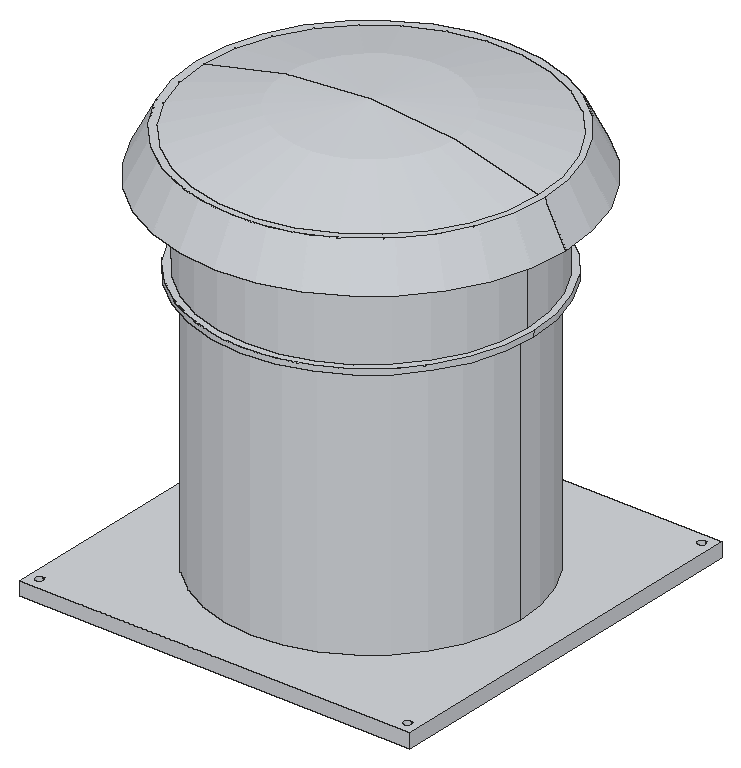
Revit family "BVN_ARMO-R", category Mechanical Equipment, host Face, Revit 2019
Family settings
  Host = Face
  Round Connector Dimension = Use Diameter
  Part Type = Normal
  Cut with Voids When Loaded = No
  Shared = No
  Room Calculation Point = No
Parameters (values of type "ARMO-R 1250-9/15-6A")
  URL = "http://www.bahcivanmotor.com.tr/index.php"
  Tepe_Genislik = (C' - 50 mm) / 2  # 615 mm
  TTBH = TTH * 0.6  # 148.5 mm
  TH = H - E - F  # 550 mm
  TTH = TH * 0.45  # 247.5 mm
  TBQ' = QE + 100 mm  # 1200 mm
  TBQ = QE + 50 mm  # 1150 mm
  TBH = TH * 0.55  # 302.5 mm
  Speed(d/d) = 965
  QE = 1100 mm
  D = 1250 mm
  Wing Angle (Degree) = 28
  Power = 15000 W
  Model = "ARMO-R"
  Material = none
  Manufacturer = "Bahçıvan Elektrik Motor San. ve Tic. Ltd. Şti."
  TTT_H = TTH * 0.4  # 99 mm
  H = 1550 mm
  F = 50 mm
  E = 950 mm
  Description = "Smoke Exhaust Fan"
  Default Elevation = 1219.2 mm
  Current = 29 A
  C' = C - 150 mm  # 1280 mm
  C = 1430 mm
  B = 1350 mm
  Air Flow = 105000 m³/h
  A = 1430 mm
Types (22, lengths in mm): name | Tepe_Genislik | TTBH | TH | TTH | TBQ' | TBQ | TBH | Speed(d/d) | QE | D | Wing Angle (Degree) | Power | TTT_H | H | E | Current | C' | C | B | Air Flow | A
  (no name) | 615 | 148.5 | 550 | 247.5 | 1200 | 1150 | 302.5 | 965 | 1100 | 1250 | 28 | 15000 W | 99 | 1550 | 950 | 29 A | 1280 | 1430 | 1350 | 105000 m³/h | 1430
  ARMO-R 400-6/1,5-2A | 251 | 96.12 | 356 | 160.2 | 600 | 550 | 195.8 | 2900 | 500 | 400 | 30 | 1500 W | 64.08 | 880 | 474 | 3.4 A | 552 | 702 | 495 | 8978 m³/h | 600
  ARMO-R 450-6/3-2A | 251 | 96.12 | 356 | 160.2 | 650 | 600 | 195.8 | 2900 | 550 | 450 | 28 | 3000 W | 64.08 | 880 | 474 | 6 A | 552 | 702 | 545 | 13545 m³/h | 650
  ARMO-R 500-6/4-2A | 321 | 108 | 400 | 180 | 650 | 600 | 220 | 2900 | 550 | 500 | 26 | 4000 W | 72 | 1030 | 580 | 7.4 A | 692 | 842 | 545 | 17325 m³/h | 650
  ARMO-R 560-6/5,5-2A | 321 | 108 | 400 | 180 | 685 | 635 | 220 | 2900 | 585 | 560 | 20 | 5500 W | 72 | 1030 | 580 | 11 A | 692 | 842 | 605 | 22313 m³/h | 685
  ARMO-R 630-6/4-4A | 465 | 137.7 | 510 | 229.5 | 780 | 730 | 280.5 | 1500 | 680 | 630 | 38 | 4000 W | 91.8 | 1160 | 600 | 8.2 A | 980 | 1130 | 637 | 25200 m³/h | 780
  ARMO-R 710-6/3-4A | 465 | 148.5 | 550 | 247.5 | 820 | 770 | 302.5 | 1410 | 720 | 800 | 28 | 3000 W | 99 | 1300 | 700 | 6.6 A | 980 | 1130 | 710 | 28350 m³/h | 830
  ARMO-R 800-9/7,5-4A | 465 | 148.5 | 550 | 247.5 | 900 | 850 | 302.5 | 1440 | 800 | 800 | 30 | 7500 W | 99 | 1300 | 700 | 15.4 A | 980 | 1130 | 800 | 40950 m³/h | 920
  ARMO-R 900-9/15-4A | 465 | 148.5 | 550 | 247.5 | 1000 | 950 | 302.5 | 1450 | 900 | 900 | 32 | 15000 W | 99 | 1375 | 775 | 29.3 A | 980 | 1130 | 900 | 63525 m³/h | 1020
  ARMO-R 1000-9/30-4A | 615 | 148.5 | 550 | 247.5 | 1100 | 1050 | 302.5 | 1460 | 1000 | 1000 | 32 | 30000 W | 99 | 1450 | 850 | 55 A | 1280 | 1430 | 1030 | 86100 m³/h | 1130
  ARMO-R 1250-9/45-4A | 615 | 148.5 | 550 | 247.5 | 1200 | 1150 | 302.5 | 1475 | 1100 | 1250 | 24 | 45000 W | 99 | 1550 | 950 | 80 A | 1280 | 1430 | 1350 | 138600 m³/h | 1430
  ARMO-R 500-6/1,1-4A | 321 | 108 | 400 | 180 | 650 | 600 | 220 | 1400 | 550 | 500 | 38 | 1100 W | 72 | 1030 | 580 | 2.6 A | 692 | 842 | 545 | 12600 m³/h | 650
  ARMO-R 560-6/2,2-4A | 321 | 108 | 400 | 180 | 685 | 635 | 220 | 1410 | 585 | 560 | 38 | 2200 W | 72 | 1030 | 580 | 5 A | 692 | 842 | 605 | 17850 m³/h | 685
  ARMO-R 630-6/7,5-2A | 465 | 137.7 | 510 | 229.5 | 780 | 730 | 280.5 | 2800 | 680 | 630 | 16 | 7500 W | 91.8 | 1160 | 600 | 13.6 A | 980 | 1130 | 637 | 27300 m³/h | 780
  ARMO-R 500-6/0,37-6A | 321 | 108 | 400 | 180 | 650 | 600 | 220 | 900 | 550 | 500 | 38 | 370 W | 72 | 1030 | 580 | 1.1 A | 692 | 842 | 545 | 8400 m³/h | 650
  ARMO-R 560-6/0,55-6A | 321 | 108 | 400 | 180 | 685 | 635 | 220 | 930 | 585 | 560 | 38 | 550 W | 72 | 1030 | 580 | 1.5 A | 692 | 842 | 605 | 11760 m³/h | 685
  ARMO-R 630-6/1,1-6A | 465 | 137.7 | 510 | 229.5 | 780 | 730 | 280.5 | 945 | 680 | 630 | 38 | 1100 W | 91.8 | 1160 | 600 | 2.9 A | 980 | 1130 | 637 | 16800 m³/h | 780
  ARMO-R 710-6/3-6A | 465 | 148.5 | 550 | 247.5 | 820 | 770 | 302.5 | 950 | 720 | 800 | 28 | 3000 W | 99 | 1300 | 700 | 6.9 A | 980 | 1130 | 710 | 18900 m³/h | 830
  ARMO-R 800-9/3-6A | 465 | 148.5 | 550 | 247.5 | 900 | 850 | 302.5 | 950 | 800 | 800 | 32 | 3000 W | 99 | 1300 | 700 | 6.9 A | 980 | 1130 | 800 | 28350 m³/h | 920
  ARMO-R 900-9/4-6A | 465 | 148.5 | 550 | 247.5 | 1000 | 950 | 302.5 | 955 | 900 | 900 | 30 | 4000 W | 99 | 1375 | 775 | 9 A | 980 | 1130 | 900 | 39900 m³/h | 1020
  ARMO-R 1000-9/7,5-6A | 615 | 148.5 | 550 | 247.5 | 1100 | 1050 | 302.5 | 960 | 1000 | 1000 | 32 | 5500 W | 99 | 1450 | 850 | 15 A | 1280 | 1430 | 1030 | 57750 m³/h | 1130
  ARMO-R 1250-9/15-6A | 615 | 148.5 | 550 | 247.5 | 1200 | 1150 | 302.5 | 965 | 1100 | 1250 | 28 | 15000 W | 99 | 1550 | 950 | 29 A | 1280 | 1430 | 1350 | 105000 m³/h | 1430
Reference planes
  plane 1 "Center (Front/Back)": y = 0
  plane 2: z = 0
  plane 3 "Center (Left/Right)": x = 0
Forms (mm)
  Extrusion 1, solid
    sketch origin (0, 0, 0) x (1, 0, 0) y (0, 1, 0)
      loop
        line (-715, 715) -> (-715, -715) -> (715, -715) -> (715, 715) -> (-715, 715)
    from 0 to 50 <- "F"
  Extrusion 2, solid
    sketch origin (0, 0, 50) x (1, 0, 0) y (0, 1, 0)
      loop
        circle (0, 0) r 550
    from 0 to 950 <- "E"
  Extrusion 3, solid
    sketch origin (0, 0, 1000) x (1, 0, 0) y (0, 1, 0)
      loop
        circle (0, 0) r 600
    from 0 to 20
  Extrusion 4, solid
    sketch origin (0, 0, 1020) x (1, 0, 0) y (0, 1, 0)
      loop
        circle (0, 0) r 575
    from 0 to 302.5 <- "TBH"
  Blend 5, solid
    base sketch origin (0, 0, 1322.5) x (1, 0, 0) y (0, 1, 0)
      loop
        circle (0, 0) r 715
    top sketch origin (0, 0, 1322.5) x (1, 0, 0) y (0, 1, 0)
      loop
        circle (0, 0) r 640
    from 0 to 148.5 <- "TTBH"
  Revolve 6, solid
    sketch origin (0, 0, 0) x (1, 0, 0) y (0, 0, 1)
      loop
        line (0, 1471) -> (615, 1471)
        arc (615, 1471) -> (311.478, 1545.214) -> (0, 1570) r 1950.129
        line (0, 1570) -> (0, 1471)
      axis (0, 1570) -> (0, 1471)
    angle from 0 to 360
  Extrusion 7, void
    sketch origin (0, 0, 50) x (0, 1, 0) y (1, 0, 0)
      loop
        circle (675, -675) r 15
      loop
        circle (675, 675) r 15
      loop
        circle (-675, -675) r 15
      loop
        circle (-675, 675) r 15
    from 0 to 213.6
Cuts and joins
  Extrusion 7 cuts Extrusion 1
Dimensions and locks
  equal spacing: Extrusion 1 sketch curve, plane 3 "Center (Left/Right)", Extrusion 1 sketch curve
  equal spacing: Extrusion 1 sketch curve, plane 1 "Center (Front/Back)", Extrusion 1 sketch curve
  "A": Extrusion 1 sketch curve to Extrusion 1 sketch curve  (x2)
  "Tepe_Genislik": Revolve 6 sketch curve to plane 3 "Center (Left/Right)"
  "TTT_H": Revolve 6 sketch curve to Blend 5
  locked: Extrusion 2 sketch curve to plane 3 "Center (Left/Right)"
  locked: plane 1 "Center (Front/Back)" to Extrusion 2 sketch curve
  equal spacing: Extrusion 7 sketch curve, plane 3 "Center (Left/Right)", Extrusion 7 sketch curve  (x2)
  equal spacing: Extrusion 7 sketch curve, plane 1 "Center (Front/Back)", Extrusion 7 sketch curve  (x2)
  "B": Extrusion 7 sketch curve to Extrusion 7 sketch curve  (x4)
  "QE": diameter of Extrusion 2 sketch curve
  "TBQ'": diameter of Extrusion 3 sketch curve
  "C": diameter of Blend 5 sketch curve
  "C'": diameter of Blend 5 sketch curve
  "TBQ": diameter of Extrusion 4 sketch curve
  aligned and locked: plane 2 to host face
  aligned and locked: level to host face
  aligned and locked: plane 3 "Center (Left/Right)" to Revolve 6 sketch curve
  aligned and locked: Revolve 6 sketch curve to Blend 5
Automatic sketch dimensions
  host sketch curve to host sketch curve = 2438.4 mm  (x2)
  Revolve 6 sketch curve to plane 3 "Center (Left/Right)" = 0 mm
  plane 3 "Center (Left/Right)" to Revolve 6 sketch curve = 1.545 mm
  level to Revolve 6 sketch curve = 9.979 mm
  Revolve 6 sketch curve to Revolve 6 sketch curve = 187.577 mm
  radius of Extrusion 7 sketch curve = 15 mm  (x4)
